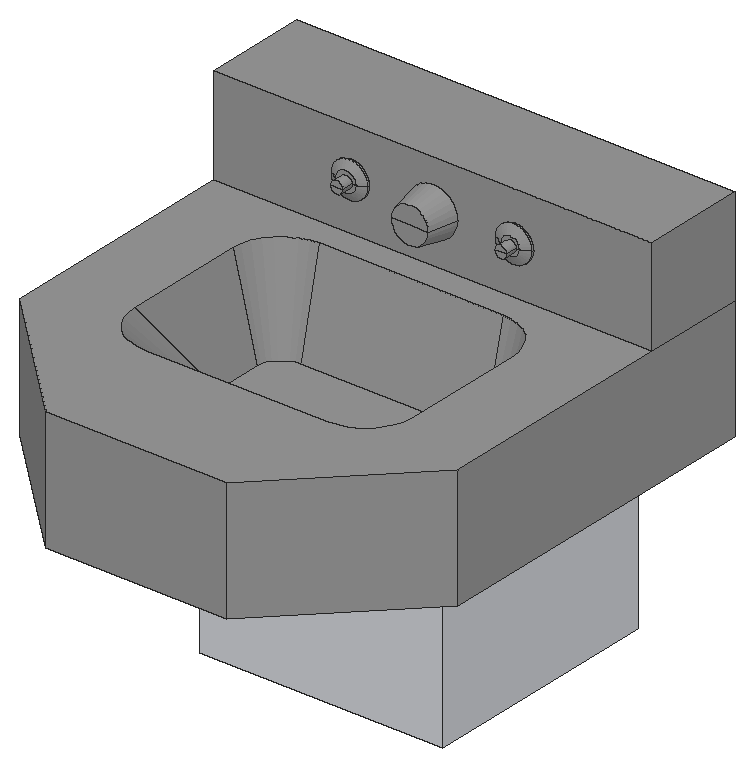
Revit family "Lavatory-Metcraft-Security-5680", category Plumbing Fixtures, Revit 2015
Parameters
  Waste Tube = "1.25\""
  Waste Connection = yes
  Omniclass Title = "Sinks"
  Omniclass Number = "23-31 13 00"
  Mounting Height = 2' - 10"
  Model = "5680"
  Material = "304 Stainless Steel"
  Masterformat Title = "Security Lavatory"
  Masterformat Number = "22 46 16. 13"
  Manufacturer URL = "http://metcraftindustries.com/"
  Manufacturer = "Metcraft Industries"
  Instalation Type = "Wall Mounted / Wall Outlet Waste"
  Industry Standards = "ASME A112.19.3 / CSA B45.4"
  Hot water connection = ".5\" Connection In Chase"
  HW Connection = yes
  Fixture Submittal = "http://metcraftindustries.com/Submittals/5680.pdf"
  Fixture Hyperlink = "http://metcraftindustries.com/5680.html"
  Description = "Security Lavatory"
  Cold water connection = ".5\" Connection In Chase"
  CW Connection = yes
  Assembly Code = "D2010310"
  ADA Compliant = "Yes"
Reference planes (in)
  plane 1 "Center (Front/Back)": y = 0
  plane 2: z = 0
  plane 3 "Center (Left/Right)": x = 0
  plane 4 "Left Side": x = -9
  plane 5 "Left Side of Bowl": x = -5.75
  plane 6 "Right Side of Bowl": x = 5.75
  plane 7 "Right Side": x = 9
  plane 8 "Backsplash Top": z = 38
  plane 9 "Sink Top": z = 34
  plane 10 "Valves": z = 36
  plane 11 "Trap Cover Bottom": z = 20.5
  plane 12 "F.O. Sink": y = -19.5
  plane 13 "F.O. Backsplash": y = -4.25
  plane 14 "F.O. Bowl": y = -14.36163
  plane 15 "Sink Bottom": z = 29
Forms (in)
  Extrusion 1, solid, material "Stainless Steel AISI 304(1)"
    sketch origin (0, 0, 34) x (-1, 0, 0) y (0, -1, 0)
      loop
        line (9, 0) -> (9, 14.228) -> (3.728, 19.5) -> (-3.728, 19.5) -> (-9, 14.228) -> (-9, 0) -> (9, 0)
    from 0 to -5
  Extrusion 2, solid, material "Stainless Steel AISI 304(1)"
    sketch origin (0, 0, 34) x (-1, 0, 0) y (0, -1, 0)
      loop
        line (9, 0) -> (9, 4.25) -> (-9, 4.25) -> (-9, 0) -> (9, 0)
    from 0 to 4
  Blend 3, void
    base sketch origin (0, 0, 34) x (-1, 0, 0) y (0, -1, 0)
      loop
        arc (3.75, 5.375) -> (5.16421, 5.96079) -> (5.75, 7.375) r 2
        line (5.75, 7.375) -> (5.75, 12.375)
        arc (5.75, 12.375) -> (5.16421, 13.78921) -> (3.75, 14.375) r 2
        line (3.75, 14.375) -> (-3.75, 14.375)
        arc (-3.75, 14.375) -> (-5.16421, 13.78921) -> (-5.75, 12.375) r 2
        line (-5.75, 12.375) -> (-5.75, 7.375)
        arc (-5.75, 7.375) -> (-5.16421, 5.96079) -> (-3.75, 5.375) r 2
        line (-3.75, 5.375) -> (3.75, 5.375)
    top sketch origin (0, 0, 34) x (-1, 0, 0) y (0, -1, 0)
      loop
        arc (3.75, 6.375) -> (4.45711, 6.66789) -> (4.75, 7.375) r 1
        line (4.75, 7.375) -> (4.75, 9.375)
        arc (4.75, 9.375) -> (4.45711, 10.08211) -> (3.75, 10.375) r 1
        line (3.75, 10.375) -> (-3.75, 10.375)
        arc (-3.75, 10.375) -> (-4.45711, 10.08211) -> (-4.75, 9.375) r 1
        line (-4.75, 9.375) -> (-4.75, 7.375)
        arc (-4.75, 7.375) -> (-4.45711, 6.66789) -> (-3.75, 6.375) r 1
        line (-3.75, 6.375) -> (3.75, 6.375)
    from 0 to -4
  Revolve 4, solid, material "Stainless Steel AISI 304"
    sketch origin (0, 0, 36) x (-1, 0, 0) y (0, -1, 0)
      loop
        line (0, 4.25) -> (1, 4.25) -> (0.747, 5.438) -> (0, 5.438) -> (0, 4.25)
      axis (0, 4.25) -> (0, 5.438)
    angle from 0 to 360
  Revolve 5, solid, material "Stainless Steel AISI 304"
    sketch origin (0, 0, 36) x (-1, 0, 0) y (0, -1, 0)
      loop
        line (-3.375, 4.25) -> (-2.625, 4.25) -> (-2.625, 4.313) -> (-2.998, 4.5) -> (-3.133, 4.5) -> (-3.133, 4.968) -> (-3.375, 4.968) -> (-3.375, 4.25)
      axis (-3.375, 4.25) -> (-3.375, 4.968)
    angle from 0 to 360
  Revolve 6, solid, material "Stainless Steel AISI 304"
    sketch origin (0, 0, 36) x (-1, 0, 0) y (0, -1, 0)
      loop
        line (3.375, 4.25) -> (4.125, 4.25) -> (4.125, 4.313) -> (3.802, 4.5) -> (3.617, 4.5) -> (3.617, 4.968) -> (3.375, 4.968) -> (3.375, 4.25)
      axis (3.375, 4.25) -> (3.375, 4.968)
    angle from 0 to 360
  Extrusion 7, void
    sketch origin (0, 0, 0) x (1, 0, 0) y (0, 0, 1)
      loop
        circle (-0.5, 36) r 0.25
      loop
        circle (0.5, 36) r 0.25
    from 0 to 0.5
  Extrusion 8, solid
    sketch origin (0, 0, 0) x (1, 0, 0) y (0, 0, 1)
      loop
        line (-5, 29) -> (-5, 20.5) -> (5, 20.5) -> (5, 29) -> (-5, 29)
    from 0 to 10
  Extrusion 9, void
    sketch origin (0, 0, 0) x (1, 0, 0) y (0, 0, 1)
      loop
        circle (0, 26.317) r 0.675
    from 0 to 0.5
Cuts and joins
  Blend 3 cuts Extrusion 1
  Extrusion 7 cuts Extrusion 2
  Extrusion 9 cuts Extrusion 8
Dimensions and locks (in)
  plane 9 "Sink Top" to level = 2' - 10"
  plane 9 "Sink Top" to plane 15 "Sink Bottom" to plane 11 "Trap Cover Bottom" = 0' - 5", 0' - 8 1/2"
  plane 8 "Backsplash Top" to plane 9 "Sink Top" = 0' - 4"
  plane 7 "Right Side" to plane 4 "Left Side" = 1' - 6"
  plane 13 "F.O. Backsplash" to plane 1 "Center (Front/Back)" = 0' - 4 1/4"
  plane 12 "F.O. Sink" to plane 1 "Center (Front/Back)" = 1' - 7 1/2"
  cut or joined group of Extrusion 8, Extrusion 9 to plane 1 "Center (Front/Back)" = 0' - 10"
  cut or joined group of Extrusion 8, Extrusion 9 to cut or joined group of Extrusion 8, Extrusion 9 = 0' - 10"
  aligned and locked: level to plane 2
Connectors (in)
  piping at (0.5, 0, 36), diameter 0.5
    settings: on cut or joined group of Extrusion 2, Extrusion 7, index 1, connector inside diameter 24", connector length 0' - 0", flow factor 0, pipe flow 0 GPM, pressure drop 0.00 psi, fitting loss kfactor 0, connector angle 0.00°, fixture units 0, engagement length 0' - 0", angle of deflection 0.00°, flow configuration 0, flow direction 0, fitting loss method 0, system type 19, joint type 0, gender type 0, connector reference index -1, connector utility 0, adjustable connector no, is connector primary yes, connector description ""
  piping at (-0.5, 0, 36), diameter 0.5
    settings: on cut or joined group of Extrusion 2, Extrusion 7, index 2, connector inside diameter 24", connector length 0' - 0", flow factor 0, pipe flow 0 GPM, pressure drop 0.00 psi, fitting loss kfactor 0, connector angle 0.00°, fixture units 0, engagement length 0' - 0", angle of deflection 0.00°, flow configuration 0, flow direction 0, fitting loss method 0, system type 20, joint type 0, gender type 0, connector reference index -1, connector utility 0, adjustable connector no, is connector primary no, connector description ""
  piping at (0, 0, 26.317), diameter 1.25
    settings: on cut or joined group of Extrusion 8, Extrusion 9, index 3, connector inside diameter 24", connector length 0' - 0", flow factor 0, pipe flow 0 GPM, pressure drop 0.00 psi, fitting loss kfactor 0, connector angle 0.00°, fixture units 0, engagement length 0' - 0", angle of deflection 0.00°, flow configuration 0, flow direction 0, fitting loss method 0, system type 16, joint type 0, gender type 0, connector reference index -1, connector utility 0, adjustable connector no, is connector primary no, connector description ""
